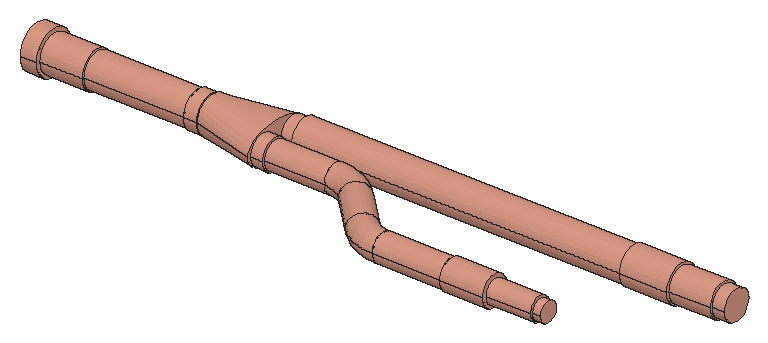
Revit family "outputfile", category 配管付属品, Revit 2024
Family settings
  丸型コネクタ寸法 = 半径を使用
  パーツ タイプ = 標準
  OmniClass 番号 = 23.65.55.00
  OmniClass タイトル = Distribution of Supplied Liquids/Gases
  作業面ベース = いいえ
  常に垂直 = はい
  ロード時にボイドで切り取り = いいえ
  共有 = いいえ
Parameters (values of type "KHRP25A73T + KHRP25M73TP")
  Description = ""
  製造元 = "Daikin"
  書き出し IFC クラス(タイプ) = "IfcPipeFittingType"
  定義済み IFC タイプ(タイプ) = "JUNCTION"
  Cost = 0
  Type Comments = ""
  Keynote = ""
  Type Image = (empty or 0)
  Assembly Code = ""
  mm⇔inch [instance] = yes
  l_dividePipe1 [instance] = size_lookup(table_StraightPipe, "l_dividePipe1", 10.0 mm, モデル)  # 12.0 mm
  Default Elevation = 0.0 mm
  モデル = "KHRP25A73T + KHRP25M73TP"
  table_StraightPipe [instance] = if(mm⇔inch, "Refnet Joint_KHRP25A-T_Gas_StraightPipe", "Refnet Joint_KHRP25A-T_Gas_StraightPipe_inch")  # "Refnet Joint_KHRP25A-T_Gas_StraightPipe"
  table_BranchPipe [instance] = if(mm⇔inch, "Refnet Joint_KHRP25A-T_Gas_BranchPipe", "Refnet Joint_KHRP25A-T_Gas_BranchPipe_inch")  # "Refnet Joint_KHRP25A-T_Gas_BranchPipe"
  table_Inlet [instance] = if(mm⇔inch, "Refnet Joint_KHRP25A-T_Gas_Inlet", "Refnet Joint_KHRP25A-T_Gas_Inlet_inch")  # "Refnet Joint_KHRP25A-T_Gas_Inlet"
  switch_StraightPipe_Reducer [instance] = if(Is_StraightPipe Reducer = 1, 1 = 1, 1 = 0)  # no
  switch_StraightPipe3 [instance] = if(number_StraightPipe = 3, 1 = 1, 1 = 0)  # yes
  switch_StraightPipe2 [instance] = if(number_StraightPipe < 2, 1 = 0, 1 = 1)  # yes
  switch_BranchPipe_Reducer [instance] = if(Is_BranchPipe Reducer = 1, 1 = 1, 1 = 0)  # no
  switch_BranchPipe3 [instance] = if(number_BranchPipe = 3, 1 = 1, 1 = 0)  # yes
  switch_BranchPipe2 [instance] = if(number_BranchPipe < 2, 1 = 0, 1 = 1)  # yes
  switch_Inlet pipe_Reducer [instance] = if(Is_Inlet Reducer = 1, 1 = 1, 1 = 0)  # no
  switch_Inlet pipe3 [instance] = if(number_InletPipe = 3, 1 = 1, 1 = 0)  # no
  switch_Inlet pipe2 [instance] = if(number_InletPipe < 2, 1 = 0, 1 = 1)  # yes
  Uniclass2015Version = "Products v1.31"
  Uniclass2015Title = "Copper pipe fittings"
  Uniclass2015Code = "Pr_65_52_63_18"
  URL = ""
  StraightPipe_Gas_ActualDiameter [instance] = 25.4 mm
  Material_Piping = DAIKIN_Copper_Pipe
  Material_Insulation = DAIKIN_White_Insulation
  lw_Insulation [instance] = size_lookup(table_Inlet, "lw_Insulation", 57.8 mm, モデル)  # 58.5 mm
  Unit Type = "KHRP25A-T_Gas"
  Tag No. [instance] = ""
  StraightPipe_Gas_Status [instance] = size_lookup(table_StraightPipe, "Information", "The connected pipe size is not available.", モデル, StraightPipe_Gas_ActualDiameter)  # "Default connector size is used."
  Link_Nested Family [instance] = ""
  Inlet_Gas_Actual Diameter [instance] = 38.1 mm
  IfcVersion = ""
  IfcExportType = "JUNCTION"
  IfcExportAs = "IfcPipeFittingType"
  BranchPipe_Gas_Status [instance] = size_lookup(table_BranchPipe, "Information", "The connected pipe size is not available.", モデル, BranchPipe_Gas_ActualDiameter)  # "Default connector size is used."
  Inlet_Gas_Status [instance] = size_lookup(table_Inlet, "Information", "The connected pipe size is not available.", モデル, Inlet_Gas_Actual Diameter)  # "Default connector size is used."
  Series = "Refnet Joint"
  O.R_dividePipe_Inlet [instance] = (I.D_InletPipe1 + 2.0 mm) / 2  # 16.9 mm
  r_StraightPipe_Connector [instance] = StraightPipe_Gas_ActualDiameter / 2  # 12.7 mm
  r_BranchPipe_Connector [instance] = BranchPipe_Gas_ActualDiameter / 2  # 7.95 mm
  r_Inlet_Connector [instance] = Inlet_Gas_Actual Diameter / 2  # 19.05 mm
  number_StraightPipe [instance] = size_lookup(table_StraightPipe, "pipeNumber", 2, モデル, StraightPipe_Gas_ActualDiameter)  # 3
  number_BranchPipe [instance] = size_lookup(table_BranchPipe, "pipeNumber", 2, モデル, BranchPipe_Gas_ActualDiameter)  # 3
  number_InletPipe [instance] = size_lookup(table_Inlet, "pipeNumber", 3, モデル, Inlet_Gas_Actual Diameter)  # 2
  r_BranchPipeR [instance] = size_lookup(table_BranchPipe, "r_offsetPipeR", 25.0 mm, モデル, BranchPipe_Gas_ActualDiameter)  # 40.0 mm
  l_BranchPipe_Straight2 [instance] = size_lookup(table_BranchPipe, "L_offsetPipe2", 43.0 mm, モデル)  # 63.0 mm
  l_BranchPipe_Straight1 [instance] = size_lookup(table_BranchPipe, "L_offsetPipe1", 5.0 mm, モデル)  # 56.0 mm
  l_BranchPipe connector [instance] = size_lookup(table_BranchPipe, "Length", 170.0 mm, モデル, BranchPipe_Gas_ActualDiameter)  # 312.0 mm
  l_inlet connector [instance] = size_lookup(table_Inlet, "Length", 130.0 mm, モデル, Inlet_Gas_Actual Diameter)  # 161.0 mm
  l_dividePipe [instance] = size_lookup(table_Inlet, "L_devidePipe", 38.0 mm, モデル)  # 61.0 mm
  l_StraightPipeReducer [instance] = size_lookup(table_StraightPipe, "L_Reducer", 80.0 mm, モデル, StraightPipe_Gas_ActualDiameter)  # 120.0 mm
  l_StraightPipe3 [instance] = size_lookup(table_StraightPipe, "L_Pipe3", 2.0 mm, モデル)  # 12.0 mm
  l_StraightPipe2 [instance] = size_lookup(table_StraightPipe, "L_Pipe2", 8.0 mm, モデル)  # 39.0 mm
  l_StraightPipe1 [instance] = size_lookup(table_StraightPipe, "L_Pipe1", 42.0 mm, モデル)  # 44.0 mm
  l_StraightPipe0 [instance] = size_lookup(table_StraightPipe, "L_Pipe0", 152.0 mm, モデル)  # 305.0 mm
  l_StraightPipe connector [instance] = size_lookup(table_StraightPipe, "Length", 212.0 mm, モデル, StraightPipe_Gas_ActualDiameter)  # 412.0 mm
  l_BranchPipe Reducer [instance] = size_lookup(table_BranchPipe, "L_Reducer", 80.0 mm, モデル, BranchPipe_Gas_ActualDiameter)  # 100.0 mm
  l_BranchPipe3 [instance] = size_lookup(table_BranchPipe, "L_Pipe3", 2.0 mm, モデル)  # 8.0 mm
  l_BranchPipe2 [instance] = size_lookup(table_BranchPipe, "L_Pipe2", 8.0 mm, モデル)  # 42.0 mm
  l_BranchPipe1 [instance] = size_lookup(table_BranchPipe, "L_Pipe1", 42.0 mm, モデル)  # 40.0 mm
  l_BranchPipe0 [instance] = size_lookup(table_BranchPipe, "L_Pipe0", 110.0 mm, モデル)  # 210.0 mm
  l_InletReducer [instance] = size_lookup(table_Inlet, "L_Reducer", 100.0 mm, モデル, Inlet_Gas_Actual Diameter)  # 120.0 mm
  l_InletPipe3 [instance] = size_lookup(table_Inlet, "L_Pipe3", 8.0 mm, モデル)  # 2.0 mm
  l_InletPipe2 [instance] = size_lookup(table_Inlet, "L_Pipe2", 42.0 mm, モデル)  # 15.0 mm
  l_InletPipe1 [instance] = size_lookup(table_Inlet, "L_Pipe1", 40.0 mm, モデル)  # 40.0 mm
  l_InletPipe0 [instance] = size_lookup(table_Inlet, "L_Pipe0", 28.0 mm, モデル)  # 94.0 mm
  center_StraightPipe [instance] = size_lookup(table_StraightPipe, "center_Pipe", 11.5 mm, モデル)  # 17.5 mm
  center_BranchPipe2 [instance] = size_lookup(table_BranchPipe, "center_OffsetPipe", 68.5 mm, モデル)  # 75.5 mm
  center_BranchPipe1 [instance] = size_lookup(table_BranchPipe, "center_Pipe", 11.5 mm, モデル)  # 17.5 mm
  StraightPipe_Gas_AvailableDiameter [instance] = size_lookup(table_StraightPipe, "sizeVariation", "", モデル)  # "25.4/28.6/31.8/34.9/38.1mm"
  BranchPipe_Gas_AvailableDiameter [instance] = size_lookup(table_BranchPipe, "sizeVariation", "", モデル)  # "12.7/15.9/19.1/22.2/25.4/28.6mm"
  Inlet_Gas_Available Diameter [instance] = size_lookup(table_Inlet, "sizeVariation", "", モデル)  # "31.8/34.9/38.1/41.3mm"
  O.D_StraightPipe Reducer [instance] = size_lookup(table_StraightPipe, "O.D_reducer", 2.0 mm, モデル, StraightPipe_Gas_ActualDiameter)  # 2.0 mm
  O.D_Offset Outlet Reducer [instance] = size_lookup(table_BranchPipe, "O.D_reducer", 2.0 mm, モデル, BranchPipe_Gas_ActualDiameter)  # 2.0 mm
  O.D_Inlet Reducer [instance] = size_lookup(table_Inlet, "O.D_reducer", 2.0 mm, モデル, Inlet_Gas_Actual Diameter)  # 2.0 mm
  Is_StraightPipe Reducer [instance] = size_lookup(table_StraightPipe, "IsReducer", 0, モデル, StraightPipe_Gas_ActualDiameter)  # 0
  Is_BranchPipe Reducer [instance] = size_lookup(table_BranchPipe, "IsReducer", 0, モデル, BranchPipe_Gas_ActualDiameter)  # 0
  Is_Inlet Reducer [instance] = size_lookup(table_Inlet, "IsReducer", 0, モデル, Inlet_Gas_Actual Diameter)  # 0
  BranchPipe_Gas_ActualDiameter [instance] = 15.9 mm
  Attach_Insulation [instance] = no
  I.D_StraightPipe3 [instance] = size_lookup(table_StraightPipe, "I.D_PipeSize3", 2.0 mm, モデル)  # 25.4 mm
  I.D_StraightPipe2 [instance] = size_lookup(table_StraightPipe, "I.D_PipeSize2", 12.7 mm, モデル)  # 28.6 mm
  I.D_StraightPipe1 [instance] = size_lookup(table_StraightPipe, "I.D_PipeSize1", 15.9 mm, モデル)  # 31.8 mm
  I.D_StraightPipe0 [instance] = size_lookup(table_StraightPipe, "I.D_PipeSize0", 13.9 mm, モデル)  # 29.8 mm
  I.D_BranchPipe3 [instance] = size_lookup(table_BranchPipe, "I.D_PipeSize3", 2.0 mm, モデル)  # 15.9 mm
  I.D_BranchPipe2 [instance] = size_lookup(table_BranchPipe, "I.D_PipeSize2", 12.7 mm, モデル)  # 19.1 mm
  I.D_BranchPipe1 [instance] = size_lookup(table_BranchPipe, "I.D_PipeSize1", 15.9 mm, モデル)  # 25.4 mm
  I.D_BranchPipe0 [instance] = size_lookup(table_BranchPipe, "I.D_PipeSize0", 13.9 mm, モデル)  # 23.4 mm
  I.D_Straight Reducer [instance] = size_lookup(table_StraightPipe, "I.D_reducer", 2.0 mm, モデル, StraightPipe_Gas_ActualDiameter)  # 2.0 mm
  I.D_OutletPipe [instance] = size_lookup(table_Inlet, "I.D_OutletPipeSize", 16.0 mm, モデル, Inlet_Gas_Actual Diameter)  # 25.6 mm
  I.D_Branch Reducer [instance] = size_lookup(table_BranchPipe, "I.D_reducer", 2.0 mm, モデル, BranchPipe_Gas_ActualDiameter)  # 2.0 mm
  I.D_Inlet Reducer [instance] = size_lookup(table_Inlet, "I.D_reducer", 2.0 mm, モデル, Inlet_Gas_Actual Diameter)  # 2.0 mm
  I.D_InletPipe3 [instance] = size_lookup(table_Inlet, "I.D_PipeSize3", 12.7 mm, モデル)  # 2.0 mm
  I.D_InletPipe2 [instance] = size_lookup(table_Inlet, "I.D_PipeSize2", 15.9 mm, モデル)  # 38.1 mm
  I.D_InletPipe1 [instance] = size_lookup(table_Inlet, "I.D_PipeSize1", 19.1 mm, モデル)  # 31.8 mm
  I.D_InletPipe0 [instance] = size_lookup(table_Inlet, "I.D_PipeSize0", 17.1 mm, モデル)  # 29.8 mm
Reference planes
  plane 1 "Center (Front/Back)": y = 0
  plane 2: z = 0
  plane 3 "base_left": x = 0
  plane 4: x = 2
  plane 5: x = 17
  plane 6: x = 57
  plane 7: x = 151
  plane 8: x = 163
  plane 9: x = 224
  plane 10: x = 236
  plane 11 "center_straight outlet": y = 17.5
  plane 12 "center2_offset outlet": y = -75.5
  plane 13 "center1_offset outlet": y = -17.5
  plane 14: x = 541
  plane 15: x = 585
  plane 16: x = 624
  plane 17: x = 446
  plane 18: x = 486
  plane 19: x = 528
  plane 20: x = 636
  plane 21: x = 536
  plane 22 "Reducer_straightoutlet": x = 536
  plane 23: x = 636
  plane 24: y = -34.4
  plane 25: z = 16.9
  plane 26 "Inlet_connector": x = 2
  plane 27 "Left_Insulation": x = 104.5
Forms (mm)
  SweptBlend 1, solid, material "DAIKIN_Copper_Pipe" <- "Material_Piping"
    path origin (0, 0, 0) x (1, 0, 0) y (0, 1, 0)
      loop
        line (163, 0) -> (224, 0)
    profile origin (163, 0, 0) x (0, 1, 0) y (0, 0, 1)
      loop
        circle (0, 0) r 16.9
    end profile origin (224, 0, 0) x (0, 1, 0) y (0, 0, 1)
      loop
        spline (-34.4, 0) -> (-33.228, -4.374) -> (-29.791, -8.45) -> (-24.324, -11.95) -> (-17.2, -14.636) -> (-8.903, -16.324) -> (0, -16.9) -> (8.903, -16.324) -> (17.2, -14.636) -> (24.324, -11.95) -> (29.791, -8.45) -> (33.228, -4.374) -> (34.4, 0)
        spline (34.4, 0) -> (33.228, 4.374) -> (29.791, 8.45) -> (24.324, 11.95) -> (17.2, 14.636) -> (8.903, 16.324) -> (0, 16.9) -> (-8.903, 16.324) -> (-17.2, 14.636) -> (-24.324, 11.95) -> (-29.791, 8.45) -> (-33.228, 4.374) -> (-34.4, 0)
Dimensions and locks
  "l_InletPipe3": plane 3 "base_left" to plane 4
  "l_InletPipe2": plane 4 to plane 5
  "l_InletPipe1": plane 5 to plane 6
  "l_InletPipe0": plane 6 to plane 7
  locked: plane 7 to plane 8 at 12
  "center_StraightPipe": plane 1 "Center (Front/Back)" to plane 11 "center_straight outlet"
  "center_BranchPipe2": plane 12 "center2_offset outlet" to plane 1 "Center (Front/Back)"
  "center_BranchPipe1": plane 13 "center1_offset outlet" to plane 1 "Center (Front/Back)"
  "l_dividePipe": plane 8 to plane 9
  "l_dividePipe1": plane 9 to plane 10
  "l_StraightPipe0": plane 10 to plane 14
  "l_BranchPipe0": plane 10 to plane 17
  "l_BranchPipe1": plane 17 to plane 18
  "l_BranchPipe2": plane 18 to plane 19
  "l_StraightPipe1": plane 14 to plane 15
  "l_StraightPipe2": plane 15 to plane 16
  "l_StraightPipe3": plane 16 to plane 20
  "l_BranchPipe3": plane 19 to plane 21
  "l_BranchPipe connector": plane 9 to plane 22 "Reducer_straightoutlet"
  "l_StraightPipe connector": plane 9 to plane 23
  "O.R_dividePipe_Inlet": plane 24 to plane 13 "center1_offset outlet"
  "O.R_dividePipe_Inlet": plane 25 to plane 2
  "l_inlet connector": plane 26 "Inlet_connector" to plane 8
  "lw_Insulation": plane 27 "Left_Insulation" to plane 8
  "O.R_dividePipe_Inlet": radius of SweptBlend 1 sketch curve
  aligned and locked: level to plane 2
  aligned and locked: plane 2 to nested 1
  aligned and locked: plane 3 "base_left" to nested 1
  aligned and locked: plane 1 "Center (Front/Back)" to nested 1
  aligned and locked: plane 4 to nested 2
  aligned and locked: plane 1 "Center (Front/Back)" to nested 2
  aligned and locked: plane 5 to nested 2
  aligned and locked: plane 5 to nested 3
  aligned and locked: plane 6 to nested 3
  aligned and locked: plane 6 to nested 4
  aligned and locked: nested 4 to plane 7
  aligned and locked: nested 5 to plane 7
  aligned and locked: nested 5 to plane 8
  aligned and locked: plane 8 to SweptBlend 1 sketch curve
  aligned and locked: plane 9 to SweptBlend 1 sketch curve
  aligned and locked: plane 2 to SweptBlend 1 sketch curve  (x2)
  aligned and locked: plane 1 "Center (Front/Back)" to SweptBlend 1 sketch curve  (x2)
  aligned and locked: nested 6 to plane 9
  aligned and locked: nested 7 to plane 9
  aligned and locked: nested 6 to plane 11 "center_straight outlet"
  aligned and locked: nested 7 to plane 13 "center1_offset outlet"
  aligned and locked: nested 7 to plane 10
  aligned and locked: nested 6 to plane 10
  aligned and locked: nested 8 to plane 10
  aligned and locked: plane 14 to nested 8
  aligned and locked: nested 8 to plane 11 "center_straight outlet"
  aligned and locked: plane 14 to nested 9
  aligned and locked: plane 11 "center_straight outlet" to nested 9
  aligned and locked: plane 15 to nested 9
  aligned and locked: plane 11 "center_straight outlet" to nested 10
  aligned and locked: plane 15 to nested 10
  aligned and locked: plane 16 to nested 10
  aligned and locked: nested 11 to plane 12 "center2_offset outlet"
  aligned and locked: plane 17 to nested 11
  aligned and locked: plane 18 to nested 11
  aligned and locked: nested 12 to plane 12 "center2_offset outlet"
  aligned and locked: plane 18 to nested 12
  aligned and locked: plane 19 to nested 12
  aligned and locked: nested 13 to plane 10
  aligned and locked: nested 13 to plane 13 "center1_offset outlet"
  aligned and locked: nested 13 to plane 12 "center2_offset outlet"
  aligned and locked: plane 8 to nested 14
  aligned and locked: plane 1 "Center (Front/Back)" to nested 14
  aligned and locked: nested 15 to plane 11 "center_straight outlet"
  aligned and locked: nested 15 to plane 9
  aligned and locked: nested 16 to plane 9
  aligned and locked: nested 16 to plane 12 "center2_offset outlet"
  aligned and locked: nested 17 to plane 1 "Center (Front/Back)"
  aligned and locked: plane 16 to nested 18
  aligned and locked: plane 20 to nested 18
  aligned and locked: plane 19 to nested 19
  aligned and locked: plane 21 to nested 19
  aligned and locked: nested 20 to plane 12 "center2_offset outlet"
  aligned and locked: plane 23 to nested 21
  aligned and locked: plane 11 "center_straight outlet" to nested 21
  aligned and locked: plane 4 to nested 1
  aligned and locked: plane 24 to SweptBlend 1 sketch curve
  aligned and locked: plane 25 to SweptBlend 1 sketch curve
  aligned and locked: plane 12 "center2_offset outlet" to nested 19
  aligned and locked: plane 11 "center_straight outlet" to nested 18
  aligned and locked: nested 17 to plane 26 "Inlet_connector"
  aligned and locked: plane 22 "Reducer_straightoutlet" to nested 20
  aligned and locked: nested 22 to plane 27 "Left_Insulation"
  aligned and locked: plane 1 "Center (Front/Back)" to nested 22
Automatic sketch dimensions
  plane 1 "Center (Front/Back)" to SweptBlend 1 sketch curve = 0.0 mm
Nested families
  nested 1: "daikin_Pipe" at (1, 0, 0), I.D_Pipe <- "I.D_InletPipe3", display <- "switch_Inlet pipe3", type "*"
    with length_Pipe 2.0 mm, display no, O.D_Pipe 4.0 mm, I.D_Pipe 2.0 mm
  nested 2: "daikin_Pipe" at (9.5, 0, 0), I.D_Pipe <- "I.D_InletPipe2", display <- "switch_Inlet pipe2", type "*"
    with length_Pipe 15.0 mm, display yes, O.D_Pipe 40.1 mm, I.D_Pipe 38.1 mm
  nested 3: "daikin_Pipe" at (37, 0, 0), I.D_Pipe <- "I.D_InletPipe1", type "*"
    with length_Pipe 40.0 mm, display yes, O.D_Pipe 33.8 mm, I.D_Pipe 31.8 mm
  nested 4: "daikin_Pipe" at (104, 0, 0), I.D_Pipe <- "I.D_InletPipe0", type "*"
    with length_Pipe 94.0 mm, display yes, O.D_Pipe 31.8 mm, I.D_Pipe 29.8 mm
  nested 5: "daikin_Pipe" at (157, 0, 0), I.D_Pipe <- "I.D_InletPipe1", type "*"
    with length_Pipe 12.0 mm, display yes, O.D_Pipe 33.8 mm, I.D_Pipe 31.8 mm
  nested 6: "daikin_Pipe" at (230, 17.5, 0), I.D_Pipe <- "I.D_OutletPipe", type "*"
    with length_Pipe 12.0 mm, display yes, O.D_Pipe 27.6 mm, I.D_Pipe 25.6 mm
  nested 7: "daikin_Pipe" at (230, -17.5, 0), I.D_Pipe <- "I.D_OutletPipe", type "*"
    with length_Pipe 12.0 mm, display yes, O.D_Pipe 27.6 mm, I.D_Pipe 25.6 mm
  nested 8: "daikin_Pipe" at (388.5, 17.5, 0), I.D_Pipe <- "I.D_StraightPipe0", type "*"
    with length_Pipe 305.0 mm, display yes, O.D_Pipe 31.8 mm, I.D_Pipe 29.8 mm
  nested 9: "daikin_Pipe" at (563, 17.5, 0), I.D_Pipe <- "I.D_StraightPipe1", type "*"
    with length_Pipe 44.0 mm, display yes, O.D_Pipe 33.8 mm, I.D_Pipe 31.8 mm
  nested 10: "daikin_Pipe" at (604.5, 17.5, 0), I.D_Pipe <- "I.D_StraightPipe2", display <- "switch_StraightPipe2", type "*"
    with length_Pipe 39.0 mm, display yes, O.D_Pipe 30.6 mm, I.D_Pipe 28.6 mm
  nested 11: "daikin_Pipe" at (466, -75.5, 0), I.D_Pipe <- "I.D_BranchPipe1", type "*"
    with length_Pipe 40.0 mm, display yes, O.D_Pipe 27.4 mm, I.D_Pipe 25.4 mm
  nested 12: "daikin_Pipe" at (507, -75.5, 0), I.D_Pipe <- "I.D_BranchPipe2", display <- "switch_BranchPipe2", type "*"
    with length_Pipe 42.0 mm, display yes, O.D_Pipe 21.1 mm, I.D_Pipe 19.1 mm
  nested 13: "daikin_Pipe Ofsset" at (236, -17.5, 0), I.D_Pipe size <- "I.D_BranchPipe0", length_straight pipe1 <- "l_BranchPipe_Straight1", length_straight pipe2 <- "l_BranchPipe_Straight2", r_Pipe R <- "r_BranchPipeR", length_Pipe <- "l_BranchPipe0", type "*"
    with r_Pipe R 40.0 mm, length_straight pipe2 63.0 mm, length_straight pipe1 56.0 mm, length_offset center 58.0 mm, length_Pipe 210.0 mm, O.D_Pipe size 25.4 mm, I.D_Pipe size 23.4 mm
  nested 14: "daikin_connector_rotate2" at (163, 0, 0) x (0, -1, 0) z (0, 0, 1), length <- "l_inlet connector", type "daikin_connector_rotate2"
    with radius 5.0 mm, length 161.0 mm, angle_vertical 90.00°, locaton_mark no
  nested 15: "daikin_connector_rotate2" at (224, 17.5, 0) x (0, 1, 0) z (0, 0, 1), length <- "l_StraightPipe connector", type "daikin_connector_rotate2"
    with radius 5.0 mm, length 412.0 mm, angle_vertical 90.00°, locaton_mark no
  nested 16: "daikin_connector_rotate2" at (224, -75.5, 0) x (0, 1, 0) z (0, 0, 1), length <- "l_BranchPipe connector", type "daikin_connector_rotate2"
    with radius 5.0 mm, length 312.0 mm, angle_vertical 90.00°, locaton_mark no
  nested 17: "daikin_Pipe_reducer" at (62, 0, 0) x (-1, 0, 0) z (0, 0, 1), display <- "switch_Inlet pipe_Reducer", length_Pipe <- "l_InletReducer", I.D_Pipe1 <- "I.D_Inlet Reducer", O.D_Pipe2 <- "O.D_Inlet Reducer", type "*"
    with length_Pipe 120.0 mm, display no, O.D_Pipe2 2.0 mm, O.D_Pipe1 4.0 mm, I.D_Pipe2 0.0 mm, I.D_Pipe1 2.0 mm
  nested 18: "daikin_Pipe" at (630, 17.5, 0), I.D_Pipe <- "I.D_StraightPipe3", display <- "switch_StraightPipe3", type "*"
    with length_Pipe 12.0 mm, display yes, O.D_Pipe 27.4 mm, I.D_Pipe 25.4 mm
  nested 19: "daikin_Pipe" at (532, -75.5, 0), I.D_Pipe <- "I.D_BranchPipe3", display <- "switch_BranchPipe3", type "*"
    with length_Pipe 8.0 mm, display yes, O.D_Pipe 17.9 mm, I.D_Pipe 15.9 mm
  nested 20: "daikin_Pipe_reducer" at (486, -75.5, 0), I.D_Pipe1 <- "I.D_Branch Reducer", O.D_Pipe2 <- "O.D_Offset Outlet Reducer", length_Pipe <- "l_BranchPipe Reducer", display <- "switch_BranchPipe_Reducer", type "*"
    with length_Pipe 100.0 mm, display no, O.D_Pipe2 2.0 mm, O.D_Pipe1 4.0 mm, I.D_Pipe2 0.0 mm, I.D_Pipe1 2.0 mm
  nested 21: "daikin_Pipe_reducer" at (576, 17.5, 0), I.D_Pipe1 <- "I.D_Straight Reducer", O.D_Pipe2 <- "O.D_StraightPipe Reducer", length_Pipe <- "l_StraightPipeReducer", display <- "switch_StraightPipe_Reducer", type "*"
    with length_Pipe 120.0 mm, display no, O.D_Pipe2 2.0 mm, O.D_Pipe1 4.0 mm, I.D_Pipe2 0.0 mm, I.D_Pipe1 2.0 mm
  nested 22: "daikin_Insulation_RefnetJoint" at (104.5, 0, 0), I.D_Outlet PipeSize <- "I.D_OutletPipe", type "*"
    with h 57.6 mm, I.D_Outlet PipeSize 25.6 mm, r_Insulation 14.0 mm, h_Insulation 297.0 mm, d_Insulation3_3 82.0 mm, d_Insulation2_2 50.5 mm, d_Insulation1_1 32.0 mm, w_Insulation5 310.0 mm, w_Insulation4 60.0 mm, w_Insulation3 109.0 mm, w_Insulation2 90.0 mm, w_Insulation1 30.0 mm, display no, d_Insulation3 74.0 mm, d_Insulation2 54.5 mm, d_Insulation1 36.0 mm
Connectors
  piping at (2, 0, 0), diameter 38.1, driven by "r_Inlet_Connector"
    settings: on nested 14, index 1, connector inside diameter 609.6 mm, connector length 0.0 mm, flow factor 0, pipe flow 0.00 m³/h, pressure drop 0.0 Pa, fitting loss kfactor 0, connector angle 0.00°, fixture units 0, engagement length 0.0 mm, angle of deflection 0.00°, flow configuration 0, flow direction 2, fitting loss method 0, system type 29, joint type 0, gender type 0, connector reference index -1, connector utility 0, adjustable connector no, is connector primary yes, connector description "Refnet Joint_Inlet_Gas"
  piping at (536, -75.5, 0), diameter 15.9, driven by "r_BranchPipe_Connector"
    settings: on nested 16, index 2, connector inside diameter 609.6 mm, connector length 0.0 mm, flow factor 0, pipe flow 0.00 m³/h, pressure drop 0.0 Pa, fitting loss kfactor 0, connector angle 0.00°, fixture units 0, engagement length 0.0 mm, angle of deflection 0.00°, flow configuration 0, flow direction 1, fitting loss method 0, system type 29, joint type 0, gender type 0, connector reference index -1, connector utility 0, adjustable connector no, is connector primary no, connector description "Refnet Joint_Outlet Branch_Gas"
  piping at (636, 17.5, 0), diameter 25.4, driven by "r_StraightPipe_Connector"
    settings: on nested 15, index 3, connector inside diameter 609.6 mm, connector length 0.0 mm, flow factor 0, pipe flow 0.00 m³/h, pressure drop 0.0 Pa, fitting loss kfactor 0, connector angle 0.00°, fixture units 0, engagement length 0.0 mm, angle of deflection 0.00°, flow configuration 0, flow direction 1, fitting loss method 0, system type 29, joint type 0, gender type 0, connector reference index -1, connector utility 0, adjustable connector no, is connector primary no, connector description "Refnet Joint_Outlet Straight_Gas"
Definition of nested family "daikin_Pipe"
  Parameters (values of type "*")
    Default Elevation = 0.0 mm
    material = none
    length_Pipe [instance] = 150.0 mm
    display [instance] = yes
    O.D_Pipe [instance] = I.D_Pipe + 2.0 mm  # 27.0 mm
    I.D_Pipe [instance] = 25.0 mm
  Reference planes
    plane 1 "Center (Front/Back)": y = 0
    plane 2 "center(vertical)": z = 0
    plane 3 "Center (Left/Right)": x = 0
    plane 4 "left": x = -75
    plane 5 "right": x = 75
  Forms (mm)
    Extrusion 1, solid, material <- "material", visible <- "display"
      sketch origin (0, 0, 0) x (0, 1, 0) y (0, 0, 1)
        loop
          circle (0, 0) r 13.5
      from -75 to 75
  Dimensions and locks
    equal spacing: plane 4 "left", plane 3 "Center (Left/Right)", plane 5 "right"
    "length_Pipe": plane 4 "left" to plane 5 "right"
    "O.D_Pipe": diameter of Extrusion 1 sketch curve
    aligned and locked: level to plane 2 "center(vertical)"
    aligned and locked: plane 2 "center(vertical)" to Extrusion 1 sketch curve
    aligned and locked: plane 1 "Center (Front/Back)" to Extrusion 1 sketch curve
    aligned and locked: plane 5 "right" to Extrusion 1
    aligned and locked: Extrusion 1 to plane 4 "left"
Definition of nested family "daikin_Pipe Ofsset"
  Parameters (values of type "*")
    Default Elevation = 0.0 mm
    r_Pipe R [instance] = 40.0 mm
    material = none
    length_straight pipe2 [instance] = 43.0 mm
    length_straight pipe1 [instance] = 5.0 mm
    length_offset center [instance] = 57.0 mm
    length_Pipe [instance] = 110.0 mm
    O.D_Pipe size [instance] = I.D_Pipe size + 2.0 mm  # 12.0 mm
    I.D_Pipe size [instance] = 10.0 mm
  Reference planes
    plane 1 "Center (Front/Back)": y = 0
    plane 2: z = 0
    plane 3 "Center (Left/Right)": x = 0
    plane 4: y = -57
    plane 5: x = 110
    plane 6: x = 67
    plane 7: x = 5
  Forms (mm)
    Sweep 1, solid, material <- "material"
      path origin (0, 0, 0) x (1, 0, 0) y (0, 1, 0)
        loop
          line (0, 0) -> (5, 0)
          arc (5, 0) -> (20.74, -3.227) -> (33.94, -12.387) r 40
          line (33.94, -12.387) -> (38.06, -44.613)
          arc (38.06, -44.613) -> (51.26, -53.773) -> (67, -57) r 40
          line (67, -57) -> (110, -57)
      profile origin (2.5, 0, 0) x (0, 1, 0) y (0, 0, 1)
        loop
          circle (0, 0) r 6
  Dimensions and locks
    "length_offset center": plane 4 to plane 1 "Center (Front/Back)"
    "length_straight pipe1": plane 3 "Center (Left/Right)" to plane 7
    "length_Pipe": plane 3 "Center (Left/Right)" to plane 5
    "length_straight pipe2": plane 6 to plane 5
    "O.D_Pipe size": diameter of Sweep 1 sketch curve
    "r_Pipe R": radius of Sweep 1 sketch curve  (x2)
    aligned and locked: level to plane 2
    aligned and locked: plane 1 "Center (Front/Back)" to Sweep 1 sketch curve
    aligned and locked: profile plane to Sweep 1 sketch curve
    aligned and locked: plane 5 to Sweep 1 sketch curve
    aligned and locked: plane 7 to Sweep 1 sketch curve
    aligned and locked: plane 6 to Sweep 1 sketch curve
  Automatic sketch dimensions
    plane 1 "Center (Front/Back)" to Sweep 1 sketch curve = 0.0 mm
    Sweep 1 sketch curve to plane 3 "Center (Left/Right)" = 0.0 mm
    plane 4 to Sweep 1 sketch curve = 0.0 mm
    plane 1 "Center (Front/Back)" to Sweep 1 sketch curve = 12.387 mm
    Sweep 1 sketch curve to plane 4 = 12.387 mm
Definition of nested family "daikin_connector_rotate2"
  Parameters (values of type "daikin_connector_rotate2")
    show_face = no
    radius [instance] = 10.0 mm
    locaton_mark = yes
    length [instance] = 600.0 mm
    d_surface = 10.0 mm
    angle_vertical [instance] = 90.00°
    Default Elevation = 0.0 mm
  Reference planes
    plane 1 "Center (Front/Back)": y = 0
    plane 2: z = 0
    plane 3 "Center (Left/Right)": x = 0
  Forms (mm)
    Extrusion 1, solid, visible <- "show_face"
      sketch origin (0, -600, 0) x (1, 0, 0) y (0, 0, 1)
        loop
          circle (0, 0) r 10
      from 0 to -10
  Lines and regions (mm)
    reference lines
      curve 1: line (0, 0, 0) -> (0, -600, 0)
    symbolic lines, visible <- "locaton_mark"
      curve 2: circle (0, 0, 0) r 5 normal (0, 0, 1)
    model lines, visible <- "show_face"
      curve 3: line (0, 0, 0) -> (0, -600, 0)
  Dimensions and locks
    "length": curve 1 to curve 1
    "length": curve 3 to curve 3
    "d_surface": Extrusion 1 to Extrusion 1
    "radius": radius of Extrusion 1 sketch curve
    "angle_vertical": angle curve 1 to plane 1 "Center (Front/Back)"
    "angle_vertical": angle curve 3 to plane 1 "Center (Front/Back)"
    aligned and locked: level to plane 2
    aligned and locked: plane 1 "Center (Front/Back)" to curve 1
    aligned and locked: plane 2 to curve 1
    aligned and locked: plane 1 "Center (Front/Back)" to curve 2
    aligned and locked: plane 3 "Center (Left/Right)" to curve 2
    aligned and locked: plane 1 "Center (Front/Back)" to curve 3
    aligned and locked: plane 2 to curve 3
    aligned and locked: Extrusion 1 to Extrusion 1
  Automatic sketch dimensions
    Extrusion 1 sketch curve to level = 0.0 mm
    Extrusion 1 sketch curve to plane 3 "Center (Left/Right)" = 0.0 mm
    radius of curve 2 = 5.0 mm
Definition of nested family "daikin_Pipe_reducer"
  Parameters (values of type "*")
    Default Elevation = 0.0 mm
    material = none
    length_Pipe [instance] = 250.0 mm
    display [instance] = yes
    O.D_Pipe2 [instance] = 19.1 mm
    O.D_Pipe1 [instance] = I.D_Pipe1 + 2.0 mm  # 24.2 mm
    I.D_Pipe2 [instance] = O.D_Pipe2 - 2.0 mm  # 17.1 mm
    I.D_Pipe1 [instance] = 22.2 mm
  Reference planes
    plane 1 "Center (Front/Back)": y = 0
    plane 2 "center(vertical)": z = 0
    plane 3 "Center (Left/Right)": x = 0
    plane 4 "connection": x = -125
    plane 5 "right": x = 113
    plane 6: x = 125
  Forms (mm)
    Extrusion 1, solid, material <- "material", visible <- "display"
      sketch origin (0, 0, 0) x (0, 1, 0) y (0, 0, 1)
        loop
          circle (0, 0) r 9.55
      from -125 to 113
    Extrusion 2, solid, material <- "material", visible <- "display"
      sketch origin (0, 0, 0) x (0, 1, 0) y (0, 0, 1)
        loop
          circle (0, 0) r 12.1
      from 113 to 125
  Dimensions and locks
    locked: plane 5 "right" to plane 6 at 12
    "length_Pipe": plane 4 "connection" to plane 6
    equal spacing: plane 4 "connection", plane 3 "Center (Left/Right)", plane 6
    "O.D_Pipe2": diameter of Extrusion 1 sketch curve
    "O.D_Pipe1": diameter of Extrusion 2 sketch curve
    aligned and locked: level to plane 2 "center(vertical)"
    aligned and locked: plane 2 "center(vertical)" to Extrusion 1 sketch curve
    aligned and locked: plane 1 "Center (Front/Back)" to Extrusion 1 sketch curve
    aligned and locked: plane 5 "right" to Extrusion 1
    aligned and locked: Extrusion 1 to plane 4 "connection"
    aligned and locked: plane 2 "center(vertical)" to Extrusion 2 sketch curve
    aligned and locked: plane 1 "Center (Front/Back)" to Extrusion 2 sketch curve
    aligned and locked: Extrusion 2 to plane 5 "right"
    aligned and locked: plane 6 to Extrusion 2
Definition of nested family "daikin_Insulation_RefnetJoint"
  Parameters (values of type "*")
    r_Insulation = size_lookup(table_Insulation, "r_Insulation", 13.5 mm, Model)  # 13.5 mm
    h_Insulation = size_lookup(table_Insulation, "h_Insulation", 202.5 mm, Model)  # 202.5 mm
    d_Insulation3_3 = size_lookup(table_Insulation, "d_Insulation3_3", 68.0 mm, Model)  # 68.0 mm
    d_Insulation2_2 = size_lookup(table_Insulation, "d_Insulation2_2", 38.0 mm, Model)  # 38.0 mm
    d_Insulation1_1 = size_lookup(table_Insulation, "d_Insulation1_1", 26.5 mm, Model)  # 26.5 mm
    Default Elevation = 0.0 mm
    Model = "KHRP25A22T"
    w_Insulation5 = size_lookup(table_Insulation, "w_Insulation5", 212.0 mm, Model)  # 212.0 mm
    w_Insulation4 = size_lookup(table_Insulation, "w_Insulation4", 67.0 mm, Model)  # 67.0 mm
    w_Insulation3 = size_lookup(table_Insulation, "w_Insulation3", 34.7 mm, Model)  # 34.7 mm
    w_Insulation2 = size_lookup(table_Insulation, "w_Insulation2", 80.0 mm, Model)  # 80.0 mm
    w_Insulation1 = size_lookup(table_Insulation, "w_Insulation1", 22.0 mm, Model)  # 22.0 mm
    table_Insulation = "Refnet Joint_KHRP25A-T_Gas_Insulation"  # constant formula
    material = none
    h [instance] = (I.D_Outlet PipeSize + 2.0 mm) + 30.0 mm  # 47.0 mm
    display = yes
    d_Insulation3 = size_lookup(table_Insulation, "d_Insulation3", 63.5 mm, Model)  # 63.5 mm
    d_Insulation2 = size_lookup(table_Insulation, "d_Insulation2", 41.0 mm, Model)  # 41.0 mm
    d_Insulation1 = size_lookup(table_Insulation, "d_Insulation1", 29.5 mm, Model)  # 29.5 mm
    I.D_Outlet PipeSize [instance] = 15.0 mm
  Reference planes
    plane 1 "Center (Front/Back)": y = 0
    plane 2: z = 0
    plane 3 "Left": x = 0
    plane 4 "top": z = 23.5
    plane 5 "bottom": z = -23.5
    plane 6: x = 22
    plane 7: x = 80
    plane 8: y = 26.5
    plane 9: y = -29.5
    plane 10: y = 38
    plane 11: y = -41
    plane 12: y = -93.5
    plane 13: x = 212
    plane 14: y = -30
    plane 15: x = 114.7
    plane 16: x = 145
    plane 17: x = 202.5
  Forms (mm)
    Extrusion 1, solid, material <- "material", visible <- "display"
      sketch origin (0, 0, 0) x (1, 0, 0) y (0, 1, 0)
        loop
          line (22, 26.5) -> (0, 26.5) -> (0, -29.5) -> (22, -29.5) -> (80, -41) -> (114.7, -41) -> (145, -93.5) -> (212, -93.5) -> (212, -43.5) -> (202.5, -43.5)
          arc (202.5, -43.5) -> (189, -30) -> (202.5, -16.5) r 13.5
          line (202.5, -16.5) -> (212, -16.5) -> (212, 38) -> (80, 38) -> (22, 26.5)
      from -23.5 to 23.5
  Dimensions and locks
    equal spacing: plane 4 "top", plane 2, plane 5 "bottom"
    "h": plane 4 "top" to plane 5 "bottom"
    "w_Insulation1": plane 3 "Left" to plane 6
    "w_Insulation2": plane 3 "Left" to plane 7
    "w_Insulation5": plane 3 "Left" to plane 13
    "w_Insulation3": plane 7 to plane 15
    "w_Insulation4": plane 16 to plane 13
    "d_Insulation1": plane 1 "Center (Front/Back)" to plane 9
    "d_Insulation1_1": plane 8 to plane 1 "Center (Front/Back)"
    "d_Insulation2": plane 1 "Center (Front/Back)" to plane 11
    "d_Insulation2_2": plane 10 to plane 1 "Center (Front/Back)"
    "d_Insulation3_3": plane 10 to plane 14
    "d_Insulation3": plane 14 to plane 12
    "r_Insulation": Extrusion 1 sketch curve to plane 14
    "r_Insulation": plane 14 to Extrusion 1 sketch curve
    "h_Insulation": plane 3 "Left" to plane 17
    "r_Insulation": radius of Extrusion 1 sketch curve
    aligned and locked: level to plane 2
    aligned and locked: Extrusion 1 to plane 5 "bottom"
    aligned and locked: plane 4 "top" to Extrusion 1
    aligned and locked: plane 6 to Extrusion 1  (x2)
    aligned and locked: plane 7 to Extrusion 1  (x2)
    aligned and locked: plane 6 to Extrusion 1 sketch curve
    aligned and locked: plane 11 to Extrusion 1 sketch curve
    aligned and locked: plane 7 to Extrusion 1 sketch curve  (x2)
    aligned and locked: plane 10 to Extrusion 1 sketch curve
    aligned and locked: Extrusion 1 sketch curve to plane 12
    aligned and locked: Extrusion 1 sketch curve to plane 13  (x2)
    aligned and locked: plane 16 to Extrusion 1 sketch curve
    aligned and locked: plane 15 to Extrusion 1 sketch curve
    aligned and locked: plane 17 to Extrusion 1 sketch curve
  Automatic sketch dimensions
    Extrusion 1 sketch curve to plane 3 "Left" = 0.0 mm
    Extrusion 1 sketch curve to plane 6 = 0.0 mm
    Extrusion 1 sketch curve to plane 9 = 0.0 mm
    Extrusion 1 sketch curve to plane 8 = 0.0 mm
